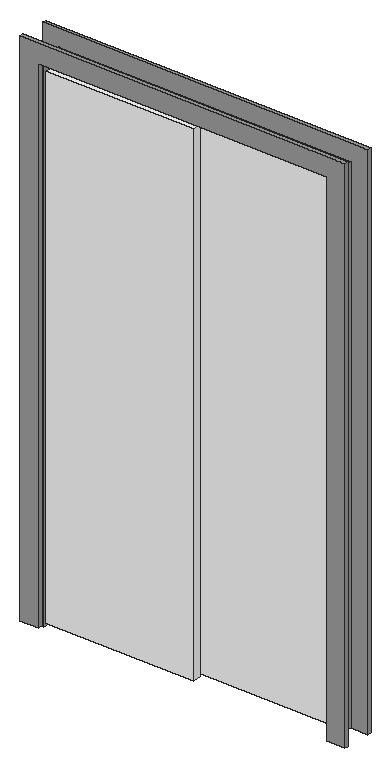
Revit family "Interior Closet Slider- 2PNL", category Doors, host Wall, Revit 2019
Family settings
  Host = Wall
  Always vertical = Yes
  Cut with Voids When Loaded = No
  Shared = No
  Room Calculation Point = No
Parameters (values of type "DBL 24"")
  U-VALUE = 0
  Type Comments = "30"
  Thickness = 0' - 1 3/8"
  Tag # = 0
  Rough Width = Width + 0' 2"  # 4' - 0"
  Rough Height = Door Height + 0' 2 1/2"  # 6' - 10 1/2"
  MATERIAL = "STEEL"
  JAMB STUD = "1"
  JACK STUD = "1"
  ID Tag = "1"
  HEADER = "(2) 2X4 LAID LAT"
  HARDWARE = ""
  HAND [instance] = "N/A"
  Function = Interior
  Fire Rating = ""
  FRAME = "ALUM"
  Door sweep [instance] = 45.00°
  Door Height = 6' - 8"
  Description = "2'-6\"x6'-8\""
  DESCRIPTION = ""
  Assembly Code = "C1020"
  Door Material = Door - Panel
  Frame Material = Door - Frame
  Height = 6' - 10 1/2"
  Wall Closure = By host
  Width = 3' - 10"
  Analytic Construction = "<None>"
Types (3): name | Rough Width | Width
  DBL 24" | 4' - 0" | 3' - 10"
  DBL 36" | 6' - 0" | 5' - 10"
  DBL 48" | 8' - 0" | 7' - 10"
Reference planes (in)
  plane 1: y = 0
  plane 2: z = 0
  plane 3: x = 0.52168
  plane 4 "Left": x = -22.47832
  plane 5: x = 23.52168
  plane 6: z = 82.5
  plane 7 "EXT FACE": y = -1
  plane 8 "INT FACE": y = 3
  plane 9 "Right": x = 23.52168
  plane 10: z = 81.5
  plane 11: x = 1.52168
  plane 12: x = -0.47832
  plane 13: y = 1
  plane 14 "Inner Mid": y = 1.25
  plane 15 "Outer Mid": y = 0.75
  plane 16 "Outer X": y = -0.625
  plane 17 "Inner X": y = 2.625
  plane 18: z = 0.5
  plane 19: z = 80.5
Forms (in)
  Extrusion 1, solid, material "Door - Frame", not visible
    sketch origin (-60, 2.75, 0) x (1, 0, 0) y (0, 0, 1)
      loop
        line (78.3125, 80) -> (78.3125, 0) -> (81.3125, 0) -> (81.3125, 83) -> (38.6875, 83) -> (38.6875, 0) -> (41.6875, 0) -> (41.6875, 80) -> (78.3125, 80)
    from 0 to 0.5
  Sweep 2, solid, material "Door - Frame"
    path origin (0, 3, 0) x (1, 0, 0) y (0, 0, 1)
      loop
        line (23.52168, 0) -> (23.52168, 81.5) -> (-22.47832, 81.5) -> (-22.47832, 0)
    profile origin (23.52168, 3, 40.75) x (-1, 0, 0) y (0, -1, 0)
      loop
        line (0, 0) -> (0, 4) -> (-0.625, 4) -> (-0.625, 0) -> (0, 0)
  Sweep 3, solid, material "Door - Frame"
    path origin (0, 3, 0) x (1, 0, 0) y (0, 0, 1)
      loop
        line (-22.47832, 0) -> (-22.47832, 81.5) -> (23.52168, 81.5) -> (23.52168, 0)
    profile origin (-22.47832, 3, 40.75) x (-1, 0, 0) y (0, -1, 0)
      loop
        line (0.3125, 0) -> (0.3125, -0.625) -> (3.3125, -0.625) -> (3.3125, 0) -> (0.3125, 0)
  Sweep 4, solid, material "Door - Frame"
    path origin (0, -1, 0) x (0, 0, -1) y (-1, 0, 0)
      loop
        line (0, 22.47832) -> (-81.5, 22.47832) -> (-81.5, -23.52168) -> (0, -23.52168)
    profile origin (-22.47832, -1, 40.75) x (1, 0, 0) y (0, 1, 0)
      loop
        line (-0.3125, 0) -> (-3.3125, 0) -> (-3.3125, -0.625) -> (-0.3125, -0.625) -> (-0.3125, 0)
  Extrusion 5, solid, material "Door - Panel"
    sketch origin (0, -0.625, 0) x (1, 0, 0) y (0, 0, 1)
      loop
        line (-22.47832, 80.5) -> (-22.47832, 0.5) -> (1.52168, 0.5) -> (1.52168, 80.5) -> (-22.47832, 80.5)
    from 0 to -1.375
  Extrusion 6, solid, material "Door - Panel"
    sketch origin (0, 2.625, 0) x (-1, 0, 0) y (0, 0, 1)
      loop
        line (0.47832, 80.5) -> (-23.52168, 80.5) -> (-23.52168, 0.5) -> (0.47832, 0.5) -> (0.47832, 80.5)
    from 0 to -1.375
Lines and regions (in)
  Opening 1
    outline origin (-60, -1, 144) x (0, 0, -1) y (1, 0, 0)
      loop
        line (61.5, 36.52168) -> (144, 36.52168) -> (144, 84.52168) -> (61.5, 84.52168) -> (61.5, 36.52168)
Dimensions and locks (in)
  equal spacing: plane 4 "Left", plane 3, plane 5
  "Width": plane 4 "Left" to plane 5
  "Width": plane 4 "Left" to plane 9 "Right"
  "Rough Height": plane 6 to level
  locked: plane 6 to plane 10 at 1
  locked: Sweep 3 sketch curve to Sweep 2 at 0.3125
  locked: Sweep 4 sketch curve to plane 4 "Left" at 0.3125
  equal spacing: plane 8 "INT FACE", plane 13, plane 7 "EXT FACE"
  plane 14 "Inner Mid" to plane 13 to plane 15 "Outer Mid" = 0' - 0 1/4" locked, 0' - 0 1/4" locked
  locked: plane 17 "Inner X" to plane 14 "Inner Mid" at 1.375
  locked: plane 16 "Outer X" to plane 15 "Outer Mid" at 1.375
  locked: plane 3 to plane 11 at 1
  locked: plane 12 to plane 3 at 1
  locked: plane 18 to level at 0.5
  "Door Height": plane 19 to plane 18
  aligned and locked: plane 7 "EXT FACE" to host wall
  aligned and locked: plane 8 "INT FACE" to host wall
  aligned and locked: plane 4 "Left" to Sweep 2 sketch curve
  aligned and locked: plane 10 to Sweep 2 sketch curve
  aligned and locked: Sweep 2 sketch curve to plane 5
  aligned and locked: Sweep 2 sketch curve to host wall  (x2)
  aligned and locked: Extrusion 5 sketch curve to plane 19
  aligned and locked: Extrusion 5 sketch curve to plane 4 "Left"
  aligned and locked: plane 18 to Extrusion 5 sketch curve
  aligned and locked: Extrusion 5 sketch curve to plane 11
  aligned and locked: Extrusion 5 to plane 15 "Outer Mid"
  aligned and locked: plane 19 to Extrusion 6 sketch curve
  aligned and locked: plane 12 to Extrusion 6 sketch curve
  aligned and locked: Extrusion 6 sketch curve to plane 18
  aligned and locked: plane 9 "Right" to Extrusion 6 sketch curve
  aligned and locked: Extrusion 6 to plane 14 "Inner Mid"
Automatic sketch dimensions
  Extrusion 1 sketch curve to Extrusion 1 sketch curve = 0' - 3"  (x3)
  Extrusion 1 sketch curve to Extrusion 1 sketch curve = 3' - 0 5/8"
  Extrusion 1 sketch curve to Extrusion 1 sketch curve = 0' - 0"
  Extrusion 1 sketch curve to Extrusion 1 sketch curve = 6' - 8"
  Opening 1 sketch curve to plane 6 = 0' - 0"
  Opening 1 sketch curve to level = 0' - 0"
  plane 4 "Left" to Opening 1 sketch curve = 0' - 1"
  plane 5 to Opening 1 sketch curve = 0' - 1"
  Sweep 2 sketch curve to level = 0' - 0"  (x2)
  Sweep 2 sketch curve to profile plane = 0' - 0"
  profile plane to Sweep 2 sketch curve = 0' - 0 5/8"
  Sweep 3 sketch curve to plane 4 "Left" = 0' - 0"
  Sweep 3 sketch curve to plane 5 = 0' - 0"
  Sweep 3 sketch curve to level = 0' - 0"  (x2)
  Sweep 3 sketch curve to plane 10 = 0' - 0"
  Sweep 3 sketch curve to plane 8 "INT FACE" = 0' - 0"
  Sweep 3 sketch curve to plane 8 "INT FACE" = 0' - 0 5/8"
  Sweep 3 sketch curve to Sweep 3 sketch curve = 0' - 3"
  Sweep 4 sketch curve to plane 4 "Left" = 0' - 0"
  Sweep 4 sketch curve to plane 5 = 0' - 0"
  Sweep 4 sketch curve to plane 10 = 0' - 0"
  Sweep 4 sketch curve to level = 0' - 0"  (x2)
  Sweep 4 sketch curve to plane 7 "EXT FACE" = 0' - 0"
  profile plane to Sweep 4 sketch curve = 0' - 3 5/16"
  Sweep 4 sketch curve to Sweep 4 sketch curve = 0' - 0 5/8"
